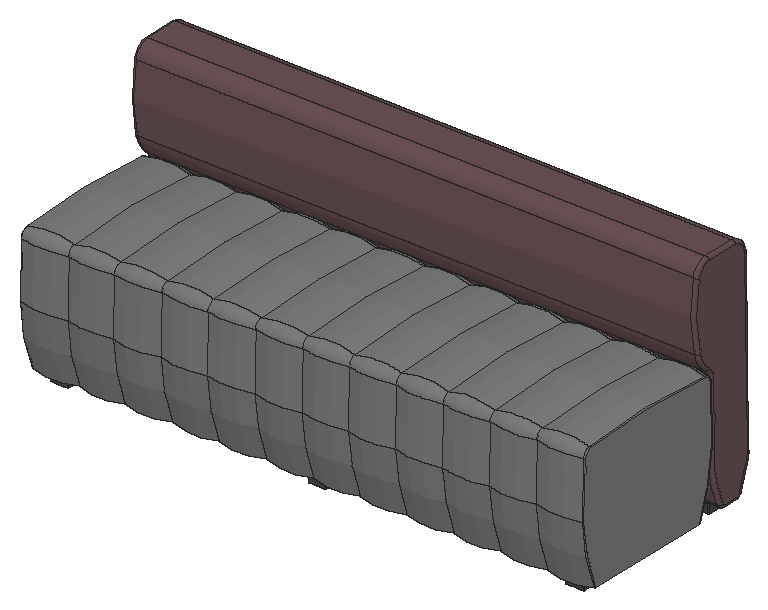
Revit family "Chair-Soft_Seating-Allermuir-Haven_Bench-HAB300BERH", category Furniture, Revit 2012
Parameters (values of type "HAB300BERH")
  ecoScorecard_data = "http://thesenatorgroup.ecoscorecard.com/product/HAB300BERH"
  ecoScorecard Product Page = "http://products.ecoscorecard.com/allermuir/HAB300BERH?action=html"
  Width = 0' - 0"
  Weight = 0.0 lbf
  Upholstered Seat = "No"
  Upholstered Back = "No"
  URL = "http://www.allermuir.net/Default.aspx"
  Subcategory = "Soft Seating"  # constant formula
  Stacks = no
  Specifications URL = ""
  Side Bracket = Metal - Allermuir - Chrome - Polished
  Seat or Top = Fabric - Allermuir - Silcoates
  Product Page URL = "http://www.allermuir.net/Products.aspx?RangeId=495"
  Product Line = "Haven Bench"  # constant formula
  Pricing URL = ""
  Plugin Data URL = "http://products.ecoscorecard.com/thesenatorgroup/HAB300BERH"
  Plastic Arms in Black = "No"
  Model = "HAB300BERH"  # constant formula
  Manufacturer Phone - Toll Free = "(888) 887 5806"  # constant formula
  Manufacturer Phone = "(419) 887 5806"  # constant formula
  Manufacturer Fax = "(419) 887 5805"  # constant formula
  Manufacturer Email = "mailto:contact@allermuir-na.com"
  Manufacturer Address = "1630 Holland Road, Maumee, Ohio 43537 "  # constant formula
  Manufacturer = "Allermuir"  # constant formula
  LEED Stats URL = ""
  Height = 0' - 0"
  Fabric Spec Sheets = "http://www.allermuir.net/Services/File.ashx?Type=B&Id=51"
  Description = ""
  Depth = 0' - 0"
  Color Availability = "See price list for material options"  # constant formula
  CAD Blocks URL = ""
  Brochure URL = ""
  Base = Plastic - Allermuir - Black
  Back = Fabric - Allermuir - Upholstery - Velvet - Red 1
  Assembly Code = "E2020200"
  95 CSI = "12510"  # constant formula
  04 CSI = "12 51 00"  # constant formula
Reference planes
  plane 1 "Center Front/Back": y = 0
  plane 2: z = 0
  plane 3 "Center Left/Right": x = 0
  plane 4: y = 359.331
  plane 5: y = -323.637
  plane 6: z = 780.256
  plane 7: x = -912.479
  plane 8: x = 912.479
Dimensions and locks
  plane 4 to plane 5 = 2' - 2.88848"
  plane 6 to level = 2' - 6 23/32"  (x2)
  equal spacing: plane 7, plane 3 "Center Left/Right", plane 8
  plane 7 to plane 8 = 5' - 11.8487"
  aligned and locked: plane 3 "Center Left/Right" to nested 1
  aligned and locked: nested 1 to plane 4
  aligned and locked: plane 3 "Center Left/Right" to nested 2
  aligned and locked: plane 5 to nested 2
Nested families
  nested 1: "Back-Rest-HAB300BERH" at (0, 10.081, 0), type "HAB300BERH"
  nested 2: "HAB300BERH" at (0, -58.341, 0), type "HAB300BERH"
Definition of nested family "Back-Rest-HAB300BERH"
  Parameters (values of type "HAB300BERH")
    URL = ""
    Stand = Plastic - Allermuir - Black
    Model = ""
    Manufacturer = ""
    Description = ""
    Back Rest = Fabric - Allermuir - Upholstery - Velvet - Red 1
    Assembly Code = ""
  Reference planes
    plane 1 "Center Front/Back": y = 0
    plane 2: z = 0
    plane 3 "Center Left/Right": x = 0
    plane 4: z = 780.309
    plane 5: x = 726.514
    plane 6: x = -683.734
    plane 7: y = 349.25
    plane 8: y = -336.55
  Forms (mm)
    Sweep 1, solid, material "Fabric - Allermuir - Upholstery - Velvet - Red 1" <- "Back Rest"
      path origin (0, 0, 0) x (0, 1, 0) y (0, 0, 1)
        loop
          arc (287.786, 777.021) -> (233.759, 779.501) -> (179.717, 777.382) r 635.833
          arc (179.717, 777.382) -> (149.801, 764.438) -> (133.91, 735.977) r 50.8
          arc (133.91, 735.977) -> (124.881, 624.919) -> (138.426, 514.322) r 549.847
          arc (138.426, 514.322) -> (151.944, 480.888) -> (175.34, 453.444) r 112.578
          arc (175.34, 453.444) -> (187.228, 438.729) -> (192.908, 420.684) r 50.8
          arc (192.908, 420.684) -> (199.489, 321.271) -> (195.803, 221.708) r 966.766
          arc (195.803, 221.708) -> (199.73, 131.593) -> (227.054, 45.631) r 342.39
          arc (227.054, 45.631) -> (235.405, 35.683) -> (247.583, 31.165) r 25.4
          arc (247.583, 31.165) -> (270.869, 30.009) -> (294.161, 31.049) r 247.493
          arc (294.161, 31.049) -> (306.956, 35.934) -> (315.355, 46.754) r 25.4
          arc (315.355, 46.754) -> (330.686, 88.951) -> (342.72, 132.205) r 582.2
          arc (342.72, 132.205) -> (344.554, 142.103) -> (345.4, 152.134) r 101.6
          arc (345.4, 152.134) -> (347.534, 441.313) -> (333.961, 730.181) r 5322.758
          arc (333.961, 730.181) -> (319.477, 762.083) -> (287.786, 777.021) r 50.8
      profile origin (0, 233.759, 779.501) x (0, -0.003339, -0.999994) y (1, 0, 0)
        loop
          arc (-0.428, -889.595) -> (2.623, -896.962) -> (9.99, -900.013) r 10.418
          line (9.99, -900.013) -> (12.7, -900.013) -> (12.7, 900.013) -> (9.99, 900.013)
          arc (9.99, 900.013) -> (2.623, 896.962) -> (-0.428, 889.595) r 10.418
          line (-0.428, 889.595) -> (-0.428, -889.595)
    Extrusion 2, solid, material "Fabric - Allermuir - Upholstery - Velvet - Red 1" <- "Back Rest"
      sketch origin (747.457, 231.636, 143.672) x (0, 0.088309, 0.996093) y (0, -0.996093, 0.088309)
        loop
          arc (580.167, 137.007) -> (471.319, 136.212) -> (364.867, 113.49) r 537.147
          arc (364.867, 113.49) -> (336.38, 98.924) -> (313.96, 76.099) r 99.878
          arc (313.96, 76.099) -> (296.95, 59.672) -> (275.109, 50.608) r 63.5
          arc (275.109, 50.608) -> (175.372, 35.073) -> (74.565, 29.885) r 979.466
          arc (74.565, 29.885) -> (-11.534, 18.455) -> (-91.661, -15.062) r 329.69
          arc (-91.661, -15.062) -> (-96.247, -19.661) -> (-97.959, -25.925) r 12.7
          arc (-97.959, -25.925) -> (-97.101, -48.027) -> (-94.167, -69.95) r 234.793
          arc (-94.167, -69.95) -> (-91.169, -76.107) -> (-85.409, -79.812) r 12.7
          arc (-85.409, -79.812) -> (-42.969, -91.105) -> (0.214, -99.094) r 569.5
          arc (0.214, -99.094) -> (8.983, -99.928) -> (17.792, -99.89) r 88.9
          arc (17.792, -99.89) -> (305.342, -76.535) -> (591.199, -37.598) r 5310.058
          arc (591.199, -37.598) -> (614.072, -24.665) -> (623.133, 0) r 38.1
          arc (623.133, 0) -> (620.879, 52.956) -> (614.133, 105.528) r 623.133
          arc (614.133, 105.528) -> (602.481, 127.02) -> (580.167, 137.007) r 38.1
      from -1647.471 to 152.556
  Cuts and joins
    joined: Sweep 1, Extrusion 2
  Lines and regions (mm)
    symbolic lines, style "Sofa"
      curve 1: line (889.457, 349.052, 0) -> (-889.365, 349.052, 0)
      curve 2: line (-900.053, 134.526, 0) -> (-900.053, 338.364, 0)
      curve 3: line (-889.88, 124.353, 0) -> (889.519, 124.353, 0)
      curve 4: line (900.04, 134.873, 0) -> (900.04, 338.469, 0)
      curve 5: arc (900.04, 338.469, 0) -> (896.94, 345.952, 0) -> (889.457, 349.052, 0) r 10.582
      curve 6: arc (889.519, 124.353, 0) -> (896.958, 127.434, 0) -> (900.04, 134.873, 0) r 10.521
      curve 7: arc (-900.053, 134.526, 0) -> (-897.073, 127.332, 0) -> (-889.88, 124.353, 0) r 10.173
      curve 8: arc (-900.053, 338.364, 0) -> (-896.922, 345.921, 0) -> (-889.365, 349.052, 0) r 10.688
  Dimensions and locks
    plane 4 to level = 2' - 6.72084"
    plane 6 to plane 5 = 4' - 7.5216"
    plane 8 to plane 7 = 2' - 3"
    aligned and locked: Sweep 1 to Extrusion 2
    aligned and locked: Extrusion 2 to Sweep 1
  Nested families
    nested 1: "Leg" at (-823.888, 271.649, 0), type "PSM102"
    nested 2: "Leg" at (0, 272.214, 0), type "PSM102"
    nested 3: "Leg" at (822.454, 272.414, 0), type "PSM102"
  Definition of nested family "Leg"
    Parameters (values of type "PSM102")
      URL = ""
      Stand = none
      Stacks = no
      Model = ""
      Manufacturer = ""
      Description = ""
      Assembly Code = "E2020200"
    Reference planes
      plane 1 "Center Front/Back": y = 0
      plane 2: z = 0
      plane 3 "Center Left/Right": x = 0
      plane 4: z = 30
      plane 5: through (42.717, 1524.892, 1219.2) normal (1, -0.0075, 0)
      plane 6: through (-1525.181, 42.166, 1219.2) normal (0.0075, 1, 0)
      plane 7: through (-19.17, 1524.892, 1219.2) normal (1, -0.0075, 0)
      plane 8: through (-1525.181, -19.721, 1219.2) normal (0.0075, 1, 0)
    Forms (mm)
      Blend 1, solid, material <- "Stand"
        base sketch origin (0, 0, 0) x (1, 0, 0) y (0, 1, 0)
          loop
            arc (-26.682, 29.891) -> (-28.652, 29.092) -> (-29.481, 27.133) r 2.778
            line (-29.481, 27.133) -> (-29.891, -27.235)
            arc (-29.891, -27.235) -> (-29.092, -29.205) -> (-27.133, -30.034) r 2.778
            line (-27.133, -30.034) -> (27.235, -30.444)
            arc (27.235, -30.444) -> (29.205, -29.645) -> (30.034, -27.687) r 2.778
            line (30.034, -27.687) -> (30.444, 26.682)
            arc (30.444, 26.682) -> (29.645, 28.652) -> (27.687, 29.481) r 2.778
            line (27.687, 29.481) -> (-26.682, 29.891)
        top sketch origin (0, 0, 0) x (1, 0, 0) y (0, 1, 0)
          loop
            arc (31.431, 27.654) -> (30.632, 29.625) -> (28.674, 30.453) r 2.778
            line (28.674, 30.453) -> (-27.654, 30.878)
            arc (-27.654, 30.878) -> (-29.625, 30.079) -> (-30.453, 28.121) r 2.778
            line (-30.453, 28.121) -> (-30.878, -28.207)
            arc (-30.878, -28.207) -> (-30.079, -30.178) -> (-28.121, -31.006) r 2.778
            line (-28.121, -31.006) -> (28.207, -31.431)
            arc (28.207, -31.431) -> (30.178, -30.632) -> (31.006, -28.674) r 2.778
            line (31.006, -28.674) -> (31.431, 27.654)
        from 0 to 30
    Dimensions and locks
      locked: plane 7 to plane 5 at 61.886
      locked: plane 6 to plane 8 at 61.886
      locked: plane 4 to level at 30
Definition of nested family "HAB300BERH"
  Parameters (values of type "HAB300BERH")
    URL = "http://www.allermuir.net/Default.aspx"
    Stand = Plastic - Allermuir - Black
    Side Stand = Metal - Allermuir - Chrome - Polished
    Seat = Fabric - Allermuir - Silcoates
    Model = "HAB100"
    Manufacturer = "Allermuir"  # constant formula
    Description = ""
    Assembly Code = "E2020200"
  Reference planes
    plane 1 "Center Front/Back": y = 0
    plane 2: z = 0
    plane 3 "Center Left/Right": x = 0
    plane 4: y = 278.492
    plane 5: y = -265.296
    plane 6: z = 466.328
    plane 7: x = -899.878
    plane 8: x = 899.878
  Forms (mm)
    Sweep 1, solid, material "Fabric - Allermuir - Silcoates" <- "Seat"
      path origin (0, 0, 0) x (0, 1, 0) y (0, 0, 1)
        loop
          arc (228.945, 24.408) -> (262.215, 126.767) -> (276.965, 233.381) r 609.6
          arc (276.965, 233.381) -> (278.479, 325.472) -> (273.982, 417.465) r 1411.053
          arc (273.982, 417.465) -> (262.719, 442.368) -> (238.222, 454.489) r 40.603
          arc (238.222, 454.489) -> (7.264, 468.236) -> (-223.765, 455.728) r 2038.86
          arc (-223.765, 455.728) -> (-248.079, 443.981) -> (-259.64, 419.577) r 40.58
          arc (-259.64, 419.577) -> (-265.536, 328.435) -> (-264.387, 237.109) r 1183.48
          arc (-264.387, 237.109) -> (-249.246, 128.613) -> (-215.454, 24.408) r 627.008
      profile origin (0, 7.264, 468.236) x (0, -0.002682, -0.999996) y (1, 0, 0)
        loop
          arc (13.094, -747.478) -> (2.01, -822.435) -> (13.359, -897.353) r 255.942
          arc (13.359, -897.353) -> (14.723, -899.276) -> (16.962, -900.013) r 3.77
          line (16.962, -900.013) -> (18.056, -900.013) -> (18.056, 900.013) -> (16.964, 900.013)
          arc (16.964, 900.013) -> (14.725, 899.276) -> (13.361, 897.353) r 3.77
          arc (13.361, 897.353) -> (2.01, 822.436) -> (13.092, 747.478) r 255.942
          arc (13.092, 747.478) -> (2.009, 672.942) -> (13.113, 598.41) r 255.942
          arc (13.113, 598.41) -> (2.01, 523.394) -> (13.375, 448.417) r 255.942
          arc (13.375, 448.417) -> (2.01, 373.433) -> (13.117, 298.411) r 255.942
          arc (13.117, 298.411) -> (2.01, 223.387) -> (13.376, 148.403) r 255.942
          arc (13.376, 148.403) -> (2.013, 74.256) -> (12.634, 0) r 255.942
          arc (12.634, 0) -> (2.026, -75.93) -> (14.383, -151.596) r 255.942
          arc (14.383, -151.596) -> (2.037, -226.43) -> (12.165, -301.596) r 255.942
          arc (12.165, -301.596) -> (2.037, -376.765) -> (14.384, -451.601) r 255.942
          arc (14.384, -451.601) -> (2.038, -526.433) -> (12.163, -601.598) r 255.942
          arc (12.163, -601.598) -> (2.015, -674.606) -> (13.094, -747.478) r 255.942
    Extrusion 2, solid, material "Fabric - Allermuir - Silcoates" <- "Seat"
      sketch origin (0, 0, 0) x (0, 1, 0) y (0, 0, 1)
        loop
          line (-198.21, 30) -> (211.698, 30)
          arc (211.698, 30) -> (244.436, 130.024) -> (258.93, 234.267) r 591.544
          arc (258.93, 234.267) -> (260.425, 325.179) -> (255.986, 415.995) r 1392.996
          arc (255.986, 415.995) -> (249.731, 429.823) -> (236.128, 436.554) r 22.547
          arc (236.128, 436.554) -> (7.216, 450.18) -> (-221.767, 437.783) r 2020.803
          arc (-221.767, 437.783) -> (-235.263, 431.263) -> (-241.679, 417.717) r 22.524
          arc (-241.679, 417.717) -> (-247.486, 327.965) -> (-246.354, 238.033) r 1165.423
          arc (-246.354, 238.033) -> (-231.472, 131.89) -> (-198.21, 30) r 608.951
      from -900.013 to 900.013
    Extrusion 3, solid, material "Metal - Allermuir - Chrome - Polished" <- "Side Stand"
      sketch origin (0, -42.069, 0) x (-1, 0, 0) y (0, -1, 0)
        loop
          line (912.476, 128.241) -> (906.42, 131.887)
          arc (906.42, 131.887) -> (905.103, 132.137) -> (903.94, 131.469) r 1.931
          line (903.94, 131.469) -> (900.467, 127.301)
          arc (900.467, 127.301) -> (900.143, 126.735) -> (900.03, 126.094) r 1.885
          line (900.03, 126.094) -> (900.03, 99.387)
          arc (900.03, 99.387) -> (900.143, 98.745) -> (900.467, 98.18) r 1.885
          line (900.467, 98.18) -> (903.967, 93.981)
          arc (903.967, 93.981) -> (905.101, 93.329) -> (906.387, 93.573) r 1.885
          line (906.387, 93.573) -> (912.476, 97.24) -> (911.702, 98.524) -> (905.768, 94.951)
          arc (905.768, 94.951) -> (905.362, 94.874) -> (905.003, 95.08) r 0.595
          line (905.003, 95.08) -> (901.777, 98.951)
          arc (901.777, 98.951) -> (901.577, 99.299) -> (901.508, 99.694) r 1.161
          line (901.508, 99.694) -> (901.508, 125.775)
          arc (901.508, 125.775) -> (901.579, 126.181) -> (901.784, 126.538) r 1.191
          line (901.784, 126.538) -> (905.023, 130.425)
          arc (905.023, 130.425) -> (905.36, 130.619) -> (905.741, 130.546) r 0.559
          line (905.741, 130.546) -> (911.702, 126.956) -> (912.476, 128.241)
      from 156.239 to 306.239
    Extrusion 4, solid, material "Metal - Allermuir - Chrome - Polished" <- "Side Stand"
      sketch origin (0, -42.069, 0) x (-1, 0, 0) y (0, -1, 0)
        loop
          line (901.508, 118.736) -> (901.508, 106.765) -> (910.5, 106.765) -> (910.5, 118.736) -> (901.508, 118.736)
      from 304.739 to 306.239
    Extrusion 5, solid, material "Metal - Allermuir - Chrome - Polished" <- "Side Stand"
      sketch origin (0, 58.539, 0) x (-1, 0, 0) y (0, -1, 0)
        loop
          line (912.476, -128.241) -> (911.702, -126.956) -> (905.741, -130.546)
          arc (905.741, -130.546) -> (905.36, -130.619) -> (905.023, -130.425) r 0.559
          line (905.023, -130.425) -> (901.784, -126.538)
          arc (901.784, -126.538) -> (901.579, -126.181) -> (901.508, -125.775) r 1.191
          line (901.508, -125.775) -> (901.508, -99.694)
          arc (901.508, -99.694) -> (901.577, -99.299) -> (901.777, -98.951) r 1.161
          line (901.777, -98.951) -> (905.003, -95.08)
          arc (905.003, -95.08) -> (905.362, -94.874) -> (905.768, -94.951) r 0.595
          line (905.768, -94.951) -> (911.702, -98.524) -> (912.476, -97.24) -> (906.387, -93.573)
          arc (906.387, -93.573) -> (905.101, -93.329) -> (903.967, -93.981) r 1.885
          line (903.967, -93.981) -> (900.467, -98.18)
          arc (900.467, -98.18) -> (900.143, -98.745) -> (900.03, -99.387) r 1.885
          line (900.03, -99.387) -> (900.03, -126.094)
          arc (900.03, -126.094) -> (900.143, -126.735) -> (900.467, -127.301) r 1.885
          line (900.467, -127.301) -> (903.94, -131.469)
          arc (903.94, -131.469) -> (905.103, -132.137) -> (906.42, -131.887) r 1.931
          line (906.42, -131.887) -> (912.476, -128.241)
      from 156.239 to 306.239
    Extrusion 6, solid, material "Metal - Allermuir - Chrome - Polished" <- "Side Stand"
      sketch origin (0, 58.539, 0) x (-1, 0, 0) y (0, -1, 0)
        loop
          line (901.508, -118.736) -> (910.5, -118.736) -> (910.5, -106.765) -> (901.508, -106.765) -> (901.508, -118.736)
      from 304.739 to 306.239
  Cuts and joins
    joined: Sweep 1, Extrusion 2
  Lines and regions (mm)
    symbolic lines, style "Sofa"
      curve 1: line (-900.013, -249.055, 0) -> (-900.013, 201.795, 0)
      curve 2: line (-747.478, -252.843, 0) -> (-747.478, 192.278, 0)
      curve 3: line (-601.598, -253.773, 0) -> (-601.598, 192.278, 0)
      curve 4: line (-451.601, -251.552, 0) -> (-451.601, 192.278, 0)
      curve 5: line (-301.596, -253.771, 0) -> (-301.596, 192.278, 0)
      curve 6: line (-151.596, -251.553, 0) -> (-151.596, 192.278, 0)
      curve 7: line (0, -253.302, 0) -> (0, 192.278, 0)
      curve 8: line (148.403, -252.561, 0) -> (148.403, 192.278, 0)
      curve 9: line (298.411, -252.819, 0) -> (298.411, 192.278, 0)
      curve 10: line (448.417, -252.819, 0) -> (448.417, 192.278, 0)
      curve 11: line (598.41, -252.819, 0) -> (598.41, 192.278, 0)
      curve 12: line (747.478, -252.819, 0) -> (747.478, 192.278, 0)
      curve 13: line (900.013, -249.056, 0) -> (900.013, 201.795, 0)
      curve 14: arc (-897.351, -252.657, 0) -> (-822.428, -263.94, 0) -> (-747.478, -252.843, 0) r 256.5
      curve 15: arc (-747.478, -252.843, 0) -> (-674.608, -264.319, 0) -> (-601.598, -253.773, 0) r 247.106
      curve 16: arc (-601.598, -253.773, 0) -> (-526.431, -264.022, 0) -> (-451.601, -251.552, 0) r 253.283
      curve 17: arc (-451.601, -251.552, 0) -> (-376.767, -264.018, 0) -> (-301.596, -253.771, 0) r 253.383
      curve 18: arc (-301.596, -253.771, 0) -> (-226.431, -263.846, 0) -> (-151.596, -251.553, 0) r 257.095
      curve 19: arc (-151.596, -251.553, 0) -> (-75.931, -263.935, 0) -> (0, -253.302, 0) r 255.403
      curve 20: arc (0, -253.302, 0) -> (74.256, -263.929, 0) -> (148.403, -252.561, 0) r 255.818
      curve 21: arc (148.403, -252.561, 0) -> (223.387, -264.046, 0) -> (298.411, -252.819, 0) r 253.367
      curve 22: arc (298.411, -252.819, 0) -> (373.414, -264.061, 0) -> (448.417, -252.819, 0) r 255.82
      curve 23: arc (448.417, -252.819, 0) -> (523.413, -263.966, 0) -> (598.41, -252.819, 0) r 257.857
      curve 24: arc (598.41, -252.819, 0) -> (672.944, -263.981, 0) -> (747.478, -252.819, 0) r 254.445
      curve 25: arc (747.478, -252.819, 0) -> (822.495, -263.887, 0) -> (897.466, -252.508, 0) r 256.157
      curve 26: arc (-897.351, -252.657, 0) -> (-899.275, -251.294, 0) -> (-900.013, -249.055, 0) r 3.768
      curve 27: arc (897.466, -252.508, 0) -> (899.307, -251.201, 0) -> (900.013, -249.056, 0) r 3.612
      curve 28: line (-901.508, 177.275, 0) -> (-910.5, 177.275, 0)
      curve 29: line (-910.5, 177.275, 0) -> (-910.5, 165.304, 0)
      curve 30: line (-910.5, 165.304, 0) -> (-901.508, 165.304, 0)
      curve 31: line (-912.476, 155.779, 0) -> (-906.387, 152.112, 0)
      curve 32: line (-905.768, 153.49, 0) -> (-911.702, 157.063, 0)
      curve 33: line (-911.702, 157.063, 0) -> (-912.476, 155.779, 0)
      curve 34: arc (-906.387, 152.112, 0) -> (-905.101, 151.868, 0) -> (-903.967, 152.52, 0) r 1.885
      curve 35: arc (-905.003, 153.619, 0) -> (-905.362, 153.413, 0) -> (-905.768, 153.49, 0) r 0.595
      curve 36: line (-901.777, 157.49, 0) -> (-905.003, 153.619, 0)
      curve 37: line (-903.967, 152.52, 0) -> (-900.467, 156.719, 0)
      curve 38: arc (-900.467, 156.719, 0) -> (-900.143, 157.284, 0) -> (-900.03, 157.926, 0) r 1.885
      curve 39: arc (-901.508, 158.233, 0) -> (-901.577, 157.838, 0) -> (-901.777, 157.49, 0) r 1.161
      curve 40: line (-901.508, 184.314, 0) -> (-901.508, 158.233, 0)
      curve 41: arc (-901.784, 185.077, 0) -> (-901.579, 184.72, 0) -> (-901.508, 184.314, 0) r 1.191
      curve 42: line (-905.023, 188.964, 0) -> (-901.784, 185.077, 0)
      curve 43: line (-900.467, 185.84, 0) -> (-903.94, 190.008, 0)
      curve 44: arc (-900.03, 184.633, 0) -> (-900.143, 185.275, 0) -> (-900.467, 185.84, 0) r 1.885
      curve 45: arc (-903.94, 190.008, 0) -> (-905.103, 190.676, 0) -> (-906.42, 190.426, 0) r 1.931
      curve 46: arc (-905.741, 189.085, 0) -> (-905.36, 189.158, 0) -> (-905.023, 188.964, 0) r 0.559
      curve 47: line (-911.702, 185.496, 0) -> (-905.741, 189.085, 0)
      curve 48: line (-906.42, 190.426, 0) -> (-912.476, 186.78, 0)
      curve 49: line (-912.476, 186.78, 0) -> (-911.702, 185.496, 0)
      curve 50: line (-901.508, -148.833, 0) -> (-910.5, -148.833, 0)
      curve 51: line (-910.5, -148.833, 0) -> (-910.5, -160.805, 0)
      curve 52: line (-910.5, -160.805, 0) -> (-901.508, -160.805, 0)
      curve 53: line (-912.476, -170.33, 0) -> (-906.387, -173.997, 0)
      curve 54: line (-905.768, -172.619, 0) -> (-911.702, -169.045, 0)
      curve 55: line (-911.702, -169.045, 0) -> (-912.476, -170.33, 0)
      curve 56: arc (-906.387, -173.997, 0) -> (-905.101, -174.241, 0) -> (-903.967, -173.589, 0) r 1.885
      curve 57: arc (-905.003, -172.49, 0) -> (-905.362, -172.696, 0) -> (-905.768, -172.619, 0) r 0.595
      curve 58: line (-901.777, -168.618, 0) -> (-905.003, -172.49, 0)
      curve 59: line (-903.967, -173.589, 0) -> (-900.467, -169.39, 0)
      curve 60: arc (-900.467, -169.39, 0) -> (-900.143, -168.824, 0) -> (-900.03, -168.183, 0) r 1.885
      curve 61: arc (-901.508, -167.875, 0) -> (-901.577, -168.27, 0) -> (-901.777, -168.618, 0) r 1.161
      curve 62: line (-901.508, -141.794, 0) -> (-901.508, -167.875, 0)
      curve 63: arc (-901.784, -141.032, 0) -> (-901.579, -141.389, 0) -> (-901.508, -141.794, 0) r 1.191
      curve 64: line (-905.023, -137.144, 0) -> (-901.784, -141.032, 0)
      curve 65: line (-900.467, -140.269, 0) -> (-903.94, -136.101, 0)
      curve 66: arc (-900.03, -141.476, 0) -> (-900.143, -140.834, 0) -> (-900.467, -140.269, 0) r 1.885
      curve 67: arc (-903.94, -136.101, 0) -> (-905.103, -135.433, 0) -> (-906.42, -135.682, 0) r 1.931
      curve 68: arc (-905.741, -137.023, 0) -> (-905.36, -136.951, 0) -> (-905.023, -137.144, 0) r 0.559
      curve 69: line (-911.702, -140.613, 0) -> (-905.741, -137.023, 0)
      curve 70: line (-906.42, -135.682, 0) -> (-912.476, -139.328, 0)
      curve 71: line (-912.476, -139.328, 0) -> (-911.702, -140.613, 0)
  Dimensions and locks
    plane 4 to plane 5 = 1' - 9.40899"
    plane 6 to level = 1' - 6 23/64"
    locked: plane 7 to plane 8 at 1799.755
    aligned and locked: plane 3 "Center Left/Right" to nested 2
    aligned and locked: plane 3 "Center Left/Right" to nested 5
    aligned and locked: nested 1 to level
    aligned and locked: nested 2 to level
    aligned and locked: nested 4 to plane 2
    aligned and locked: nested 3 to plane 2
    aligned and locked: nested 5 to plane 2
    aligned and locked: nested 6 to plane 2
    aligned and locked: Extrusion 2 sketch curve to Sweep 1  (x7)
  Nested families
    nested 1: "Leg" at (-824.583, 174.511, 0), type "PSM102"
    nested 2: "Leg" at (0, 174.511, 0), type "PSM102"
    nested 3: "Leg" at (-824.118, -158.14, 0), type "PSM102"
    nested 4: "Leg" at (823.175, 174.511, 0), type "PSM102"
    nested 5: "Leg" at (0, -158.14, 0), type "PSM102"
    nested 6: "Leg" at (823.528, -158.934, 0), type "PSM102"
  Definition of nested family "Leg"
    Parameters (values of type "PSM102")
      URL = ""
      Stand = none
      Stacks = no
      Model = ""
      Manufacturer = ""
      Description = ""
      Assembly Code = "E2020200"
    Reference planes
      plane 1 "Center Front/Back": y = 0
      plane 2: z = 0
      plane 3 "Center Left/Right": x = 0
      plane 4: z = 30
      plane 5: through (42.717, 1524.892, 1219.2) normal (1, -0.0075, 0)
      plane 6: through (-1525.181, 42.166, 1219.2) normal (0.0075, 1, 0)
      plane 7: through (-19.17, 1524.892, 1219.2) normal (1, -0.0075, 0)
      plane 8: through (-1525.181, -19.721, 1219.2) normal (0.0075, 1, 0)
    Forms (mm)
      Blend 1, solid, material <- "Stand"
        base sketch origin (0, 0, 0) x (1, 0, 0) y (0, 1, 0)
          loop
            arc (-26.682, 29.891) -> (-28.652, 29.092) -> (-29.481, 27.133) r 2.778
            line (-29.481, 27.133) -> (-29.891, -27.235)
            arc (-29.891, -27.235) -> (-29.092, -29.205) -> (-27.133, -30.034) r 2.778
            line (-27.133, -30.034) -> (27.235, -30.444)
            arc (27.235, -30.444) -> (29.205, -29.645) -> (30.034, -27.687) r 2.778
            line (30.034, -27.687) -> (30.444, 26.682)
            arc (30.444, 26.682) -> (29.645, 28.652) -> (27.687, 29.481) r 2.778
            line (27.687, 29.481) -> (-26.682, 29.891)
        top sketch origin (0, 0, 0) x (1, 0, 0) y (0, 1, 0)
          loop
            arc (31.431, 27.654) -> (30.632, 29.625) -> (28.674, 30.453) r 2.778
            line (28.674, 30.453) -> (-27.654, 30.878)
            arc (-27.654, 30.878) -> (-29.625, 30.079) -> (-30.453, 28.121) r 2.778
            line (-30.453, 28.121) -> (-30.878, -28.207)
            arc (-30.878, -28.207) -> (-30.079, -30.178) -> (-28.121, -31.006) r 2.778
            line (-28.121, -31.006) -> (28.207, -31.431)
            arc (28.207, -31.431) -> (30.178, -30.632) -> (31.006, -28.674) r 2.778
            line (31.006, -28.674) -> (31.431, 27.654)
        from 0 to 30
    Dimensions and locks
      locked: plane 7 to plane 5 at 61.886
      locked: plane 6 to plane 8 at 61.886
      locked: plane 4 to level at 30
